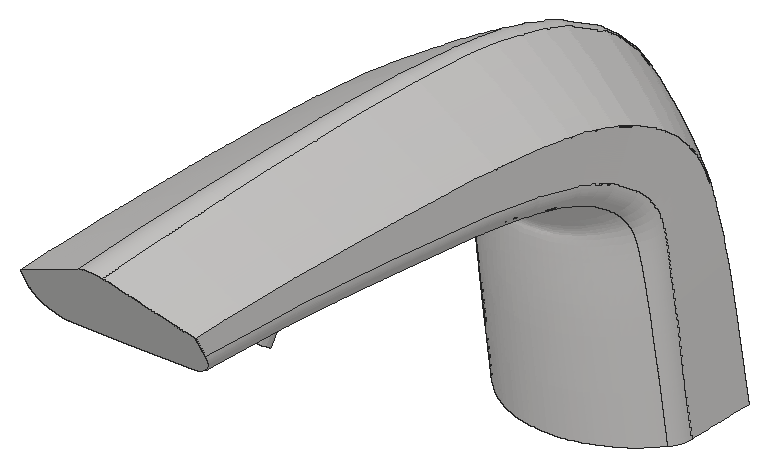
Revit family "Plumbing-Faucet-Sloan-Valve-EBF-415_", category Plumbing Fixtures, host Face, Revit 2022
Family settings
  Host = Face
  Round Connector Dimension = Use Diameter
  Part Type = Normal
  OmniClass Number = 23.45.55.14
  OmniClass Title = Single Faucets
  Cut with Voids When Loaded = No
  Maintain Annotation Orientation = No
  Shared = No
  Room Calculation Point = No
Parameters (values of type "Not a Type - Load Type Catalog!")
  z_Trim Plate Length = if(z_Trim Plate 8, 10.25", if(z_Trim Plate 4, 6.18", 5.00"))  # 5.00"
  z_Trim Plate 8 = no
  z_Trim Plate 4 = no
  Water Inlet Connection Diameter = 3/8"
  Water Inlet Connection Description [instance] = "Pretempered Water Supply Connection"  # constant formula
  Water Flow = 0.5 GPM
  z_No Trim Plate = and(not(z_Trim Plate 4), not(z_Trim Plate 8))  # yes
  Width = if(z_No Trim Plate, 2.00", z_Trim Plate Length)  # 2.00"
  Waste Connection = no
  WFU = 0
  Version = 2
  Vent Connection = no
  Valve Pressure Drop = 0.00 psi
  URL = "www.sloanvalve.com"
  Product data url = "https://bimobject.com/sloan_valve/product/faucets_optima_EBF-415"
  Product Material = Sloan Valve - Finish - Brushed Stainless Steel
  Part Number = "3315392BT"
  Model = "Model not specified - Load type catalog!"
  Manufacturer = "Sloan Valve"  # constant formula
  Keynote = "15410"
  Height = 4.50"  # constant formula
  HWFU = 1.5
  HW Connection = yes
  Edition number = 1
  Description = "Battery Power Supply, Back-Check Tee, Brushed Stainless Finish, 0.5\r\ngpm, Multi-Laminar Spray, Infrared Sensor, Optima® Battery-Powered\r\nDeck-Mounted Low Body."
  Depth = 6.50"  # constant formula
  Default Elevation = 0.00"
  Date Updated = "09.12.2024"  # constant formula
  Date Created = ""
  CWFU = 1.5
  CW Connection = yes
  Assembly Code = "D2010"
Reference planes (in)
  plane 1 "Center (Front/Back)": y = 0
  plane 2: z = 0
  plane 3 "Center (Left/Right)": x = 0
Forms (in)
  Extrusion 1, solid, not visible
    sketch origin (0, 0, 0) x (1, 0, 0) y (0, 1, 0)
      loop
        circle (0, 0) r 0.1875
    from 0 to -0.05799
  Extrusion 2, solid, not visible
    sketch origin (0, 0, 0) x (1, 0, 0) y (0, 1, 0)
      loop
        circle (0, 0.3499) r 0.10921
    from 0 to -0.05799
  Extrusion 3, solid, not visible
    sketch origin (0, 0, 0) x (1, 0, 0) y (0, 1, 0)
      loop
        circle (0, 0.3499) r 0.10921
    from 0 to -0.05799
  Extrusion 4, solid, not visible
    sketch origin (0, 0, 0) x (1, 0, 0) y (0, 1, 0)
      loop
        circle (0, 0.3499) r 0.10921
    from 0 to -0.05799
Dimensions and locks (in)
  equal spacing: group 3, group 2, group 1
  equal spacing: group 1, group 2, group 3  (x2)
  equal spacing: group 4, group 5, group 6  (x3)
  aligned and locked: plane 2 to host face
  aligned and locked: level to host face
  aligned and locked: plane 1 "Center (Front/Back)" to nested 1
  aligned and locked: plane 1 "Center (Front/Back)" to nested 3
  aligned and locked: plane 1 "Center (Front/Back)" to nested 4
Automatic sketch dimensions
  host sketch curve to host sketch curve = 96.00"  (x2)
  plane 1 "Center (Front/Back)" to Extrusion 1 sketch curve = 0.00"
  Extrusion 1 sketch curve to plane 3 "Center (Left/Right)" = 0.00"
  radius of Extrusion 1 sketch curve = 0.1875"
  radius of Extrusion 2 sketch curve = 0.10921"
  radius of Extrusion 3 sketch curve = 0.10921"
  radius of Extrusion 4 sketch curve = 0.10921"
Nested families (in)
  nested 1: "Connection" at (0.75, 0, 0), type "Connection"
  nested 2: "Connection" at (0.25, 0, 0), type "Connection"
  nested 3: "Connection" at (-0.25, 0, 0), type "Connection"
  nested 4: "Geometry_" at (-1, 0, 0), type "Geometry_"
Connectors (in)
  piping at (0, 0, 0), diameter 0.375, driven by "Water Inlet Connection Description", driven by "Water Inlet Connection Diameter", driven by "Water Flow", driven by "Valve Pressure Drop"
    settings: on Extrusion 1, index 4, connector inside diameter 24", connector length 0.00", flow factor 0, pipe flow 0.5 GPM, pressure drop 0.00 psi, fitting loss kfactor 0, connector angle 0.00°, fixture units 0, engagement length 0.00", angle of deflection 0.00°, flow configuration 1, flow direction 1, fitting loss method 4, system type 22, joint type 0, gender type 0, connector reference index -1, connector utility 0, adjustable connector no, is connector primary yes, connector description "Pretempered Water Supply Connection"
Definition of nested family "Geometry_"
  Parameters (values of type "Geometry_")
    z_8 Trim Plate = no
    z_4 Trim Plate = no
    URL = ""
    Thermoplastic Material = none
    Product Material = none
    Model = ""
    Manufacturer = ""
    Description = ""
    Default Elevation = 48.00"
    Assembly Code = ""
  Reference planes (in)
    plane 1 "Center (Front/Back)": y = 0
    plane 2: z = 0
    plane 3 "Center (Left/Right)": x = 0
    plane 4: z = 1.22047
    plane 5: x = 1
  Forms (in)
    SweptBlend 1, solid, material <- "Product Material"
      path origin (1, 0.1674, -0.0027) x (0, 1, 0) y (0, 0, 1)
        loop
          spline (-0.11032, -0.33112) -> (-0.42012, 1.5816) -> (-0.51756, 2.12474) -> (-0.62691, 2.52856) -> (-0.86765, 2.90021) -> (-1.30595, 3.23889) -> (-1.95849, 3.50963) -> (-2.81534, 3.68957) -> (-3.77791, 3.80093) -> (-4.7283, 3.87576) -> (-5.60888, 3.93784) -> (-6.56682, 3.98272) -> (-7.79276, 4)
      profile origin (1, 0.05708, -0.33382) x (0, -0.987688, -0.156434) y (1, 0, 0)
        loop
          line (-0.43536, -1.09002) -> (0.34769, -1.09002)
          arc (0.34769, -1.09002) -> (0.51221, -1.0569) -> (0.65108, -0.9627) r 0.42513
          arc (0.65108, -0.9627) -> (1.09245, 0.03563) -> (0.60865, 1.0141) r 1.28754
          arc (0.60865, 1.0141) -> (0.50445, 1.08104) -> (0.38283, 1.10447) r 0.32731
          line (0.38283, 1.10447) -> (-0.42182, 1.10447)
          arc (-0.42182, 1.10447) -> (-0.83566, 0.59661) -> (-1.18577, 0.04288) r 5.4663
          arc (-1.18577, 0.04288) -> (-1.19685, 0.00285) -> (-1.1887, -0.03788) r 0.08964
          arc (-1.1887, -0.03788) -> (-0.84328, -0.58632) -> (-0.43536, -1.09002) r 5.4663
      end profile origin (1, -7.62536, 3.9973) x (0, 0, -1) y (1, 0, 0)
        loop
          line (-0.4675, -0.13826) -> (-0.03786, -1) -> (0.19206, -1)
          arc (0.19206, -1) -> (0.40981, -0.90981) -> (0.5, -0.69206) r 0.30794
          line (0.5, -0.69206) -> (0.5, 0.69206)
          arc (0.5, 0.69206) -> (0.40981, 0.90981) -> (0.19206, 1) r 0.30794
          line (0.19206, 1) -> (-0.03786, 1) -> (-0.4675, 0.13826)
          arc (-0.4675, 0.13826) -> (-0.50005, 0) -> (-0.4675, -0.13826) r 0.30988
    Extrusion 2, void
      sketch origin (1, 0.1674, -0.0027) x (0, 1, 0) y (0, 0, 1)
        loop
          line (-1.67616, 0) -> (-1.67616, -0.75) -> (1.35895, -0.75) -> (1.35895, 0) -> (-1.67616, 0)
      from -1.64634 to 1.54497
    Extrusion 3, void
      sketch origin (1, 0.1674, -0.0027) x (0, -1, 0) y (0, 0, 1)
        loop
          line (7.91501, 4.74536) -> (6.97534, 3.13935) -> (7.91501, 3.13935) -> (7.91501, 4.74536)
      from -1.10352 to 1.09856
    Revolve 4, solid, material <- "Product Material"
      sketch origin (1, 0.1674, -0.0027) x (0, 1, 0) y (0, 0, 1)
        loop
          line (-5.93114, 3.11051) -> (-5.61499, 3.57922) -> (-6.02951, 3.85882) -> (-6.34566, 3.3901) -> (-5.93114, 3.11051)
        axis (-5.61499, 3.57922) -> (-5.93114, 3.11051)
      angle from 0 to 360
    Extrusion 5, solid, not visible
      sketch origin (1, 0.1674, -0.0027) x (1, 0, 0) y (0, 1, 0)
        loop
          circle (0, -0.16839) r 0.1875
      from -0.03125 to 0
    Extrusion 6, solid, material <- "Product Material", visible <- "z_4 Trim Plate"
      sketch origin (-21.62131, -3.96048, 0) x (1, 0, 0) y (0, 1, 0)
        loop
          arc (25.59448, 4.67047) -> (25.41299, 4.93476) -> (25.11909, 5.06285) r 0.58203
          arc (25.11909, 5.06285) -> (22.62198, 5.22877) -> (20.12464, 5.06643) r 19.0796
          arc (20.12464, 5.06643) -> (19.83153, 4.93929) -> (19.65004, 4.67633) r 0.58065
          arc (19.65004, 4.67633) -> (19.52804, 3.97861) -> (19.62084, 3.2764) r 2.33504
          arc (19.62084, 3.2764) -> (19.78453, 3.01822) -> (20.06073, 2.88719) r 0.55043
          arc (20.06073, 2.88719) -> (22.62128, 2.67991) -> (25.18182, 2.88719) r 15.91884
          arc (25.18182, 2.88719) -> (25.45802, 3.01822) -> (25.62171, 3.2764) r 0.55043
          arc (25.62171, 3.2764) -> (25.71458, 3.97552) -> (25.59448, 4.67047) r 2.33504
      from 0 to 0.14662
    Extrusion 7, solid, material <- "Product Material", visible <- "z_8 Trim Plate"
      sketch origin (-10.62131, -3.96048, 0) x (1, 0, 0) y (0, 1, 0)
        loop
          arc (7.27839, 5.11223) -> (7.06529, 5.06021) -> (6.88563, 4.93437) r 0.59375
          arc (6.88563, 4.93437) -> (6.49546, 3.96048) -> (6.90871, 2.99615) r 1.36992
          arc (6.90871, 2.99615) -> (7.08139, 2.87881) -> (7.28395, 2.82827) r 0.59568
          arc (7.28395, 2.82827) -> (11.62164, 2.67991) -> (15.95932, 2.82832) r 63.47647
          arc (15.95932, 2.82832) -> (16.16097, 2.87859) -> (16.33295, 2.99527) r 0.59375
          arc (16.33295, 2.99527) -> (16.74709, 3.95985) -> (16.35693, 4.93437) r 1.36992
          arc (16.35693, 4.93437) -> (16.17726, 5.06021) -> (15.96417, 5.11223) r 0.59375
          arc (15.96417, 5.11223) -> (11.62128, 5.22877) -> (7.27839, 5.11223) r 80.97816
      from 0 to 0.14662
  Cuts and joins
    Extrusion 2, Extrusion 3 cuts SweptBlend 1
  Lines and regions (in)
    Masking region 1, visible <- "z_8 Trim Plate"
      outline origin (0, 0, 0) x (1, 0, 0) y (0, 1, 0)
        loop
          line (2.10378, 0.42909) -> (2.08146, -1.27135)
          arc (2.08146, -1.27135) -> (3.7103, -1.22268) -> (5.33802, -1.13216) r 63.47647
          arc (5.33802, -1.13216) -> (5.53967, -1.08189) -> (5.71165, -0.9652) r 0.59375
          arc (5.71165, -0.9652) -> (6.12579, -0.00063) -> (5.73562, 0.97389) r 1.36992
          arc (5.73562, 0.97389) -> (5.55596, 1.09973) -> (5.34287, 1.15175) r 0.59375
          arc (5.34287, 1.15175) -> (0.99997, 1.26829) -> (-3.34292, 1.15175) r 80.97816
          arc (-3.34292, 1.15175) -> (-3.55601, 1.09973) -> (-3.73567, 0.97389) r 0.59375
          arc (-3.73567, 0.97389) -> (-4.12585, 0) -> (-3.7126, -0.96433) r 1.36992
          arc (-3.7126, -0.96433) -> (-3.53992, -1.08166) -> (-3.33735, -1.13221) r 0.59568
          arc (-3.33735, -1.13221) -> (-1.7103, -1.22268) -> (-0.08146, -1.27135) r 63.47647
          line (-0.08146, -1.27135) -> (-0.10379, 0.42942)
          arc (-0.10379, 0.42942) -> (0.42324, 0.86233) -> (0.99984, 1.22663) r 5.49556
          arc (0.99984, 1.22663) -> (1.57661, 0.86219) -> (2.10378, 0.42909) r 5.49554
    Masking region 2
      outline origin (0, 0, 0) x (1, 0, 0) y (0, 1, 0)
        loop
          spline (-0.00182, -7.33715) -> (0.07009, -7.35812) -> (0.14204, -7.37906) -> (0.21403, -7.39996) -> (0.28606, -7.42082) -> (0.35813, -7.44165) -> (0.43024, -7.46245) -> (0.50239, -7.48321) -> (0.57458, -7.50394) -> (0.6468, -7.52463) -> (0.71907, -7.54528) -> (0.79137, -7.5659) -> (0.86371, -7.58649)
          spline (0.86371, -7.58649) -> (0.88487, -7.59192) -> (0.90687, -7.59642) -> (0.92955, -7.59995) -> (0.95275, -7.6025) -> (0.97628, -7.60403) -> (1, -7.60454) -> (1.02371, -7.60403) -> (1.04725, -7.6025) -> (1.07044, -7.59995) -> (1.09312, -7.59642) -> (1.11512, -7.59192) -> (1.13628, -7.58649)
          spline (1.13628, -7.58649) -> (1.20863, -7.5659) -> (1.28094, -7.54528) -> (1.35321, -7.52462) -> (1.42544, -7.50393) -> (1.49762, -7.4832) -> (1.56977, -7.46243) -> (1.64188, -7.44163) -> (1.71395, -7.4208) -> (1.78598, -7.39992) -> (1.85797, -7.37901) -> (1.92991, -7.35807) -> (2.00182, -7.33709)
          line (2.00182, -7.33709) -> (2.10378, 0.42909)
          arc (2.10378, 0.42909) -> (1.57661, 0.86219) -> (0.99984, 1.22663) r 5.49554
          arc (0.99984, 1.22663) -> (0.42324, 0.86233) -> (-0.10379, 0.42942) r 5.49556
          line (-0.10379, 0.42942) -> (-0.00182, -7.33715)
    Masking region 3, visible <- "z_4 Trim Plate"
      outline origin (0, 0, 0) x (1, 0, 0) y (0, 1, 0)
        loop
          line (2.10378, 0.42909) -> (2.08182, -1.24377)
          arc (2.08182, -1.24377) -> (2.82319, -1.17582) -> (3.56052, -1.07328) r 15.91884
          arc (3.56052, -1.07328) -> (3.83672, -0.94226) -> (4.00041, -0.68407) r 0.55043
          arc (4.00041, -0.68407) -> (4.09328, 0.01504) -> (3.97318, 0.71) r 2.33504
          arc (3.97318, 0.71) -> (3.79169, 0.97428) -> (3.49779, 1.10237) r 0.58203
          arc (3.49779, 1.10237) -> (1.00068, 1.26829) -> (-1.49666, 1.10595) r 19.0796
          arc (-1.49666, 1.10595) -> (-1.78978, 0.97881) -> (-1.97126, 0.71586) r 0.58065
          arc (-1.97126, 0.71586) -> (-2.09327, 0.01813) -> (-2.00046, -0.68407) r 2.33504
          arc (-2.00046, -0.68407) -> (-1.83677, -0.94226) -> (-1.56057, -1.07328) r 0.55043
          arc (-1.56057, -1.07328) -> (-0.82319, -1.17582) -> (-0.08182, -1.24377) r 15.91884
          line (-0.08182, -1.24377) -> (-0.10379, 0.42942)
          arc (-0.10379, 0.42942) -> (0.42324, 0.86233) -> (0.99984, 1.22663) r 5.49556
          arc (0.99984, 1.22663) -> (1.57661, 0.86219) -> (2.10378, 0.42909) r 5.49554
    symbolic lines, detail levels medium+fine
      curve 1: line (0.86197, -7.58599, 0) -> (0.96177, 1.20556, 0)
      curve 2: line (1.04321, 1.2026, 0) -> (1.13804, -7.58599, 0)
  Dimensions and locks (in)
    locked: Extrusion 6 sketch curve to Extrusion 6 sketch curve at 0.43989  (x2)
    aligned and locked: Masking region 1 sketch curve to cut or joined group of SweptBlend 1, Extrusion 2, Extrusion 3  (x2)
    aligned and locked: Masking region 1 sketch curve to Extrusion 7  (x8)
    aligned and locked: Masking region 3 sketch curve to Extrusion 6  (x2)
Definition of nested family "Connection"
  Parameters (values of type "Connection")
    Default Elevation = 48.00"
  Reference planes (in)
    plane 1 "Center (Front/Back)": y = 0
    plane 2: z = 0
    plane 3 "Center (Left/Right)": x = 0
  Forms (in)
    Extrusion 1, solid
      sketch origin (0, 0, 0) x (1, 0, 0) y (0, 1, 0)
        loop
          line (-48, 48) -> (-48, -48) -> (48, -48) -> (48, 48) -> (-48, 48)
      from 0 to -12
    Extrusion 2, solid, not visible
      sketch origin (0, 0, 0) x (1, 0, 0) y (0, 1, 0)
        loop
          circle (0, 0) r 0.19685
      from 0 to -0.34945
  Dimensions and locks (in)
    aligned and locked: plane 2 to Extrusion 1
    aligned and locked: level to Extrusion 1
